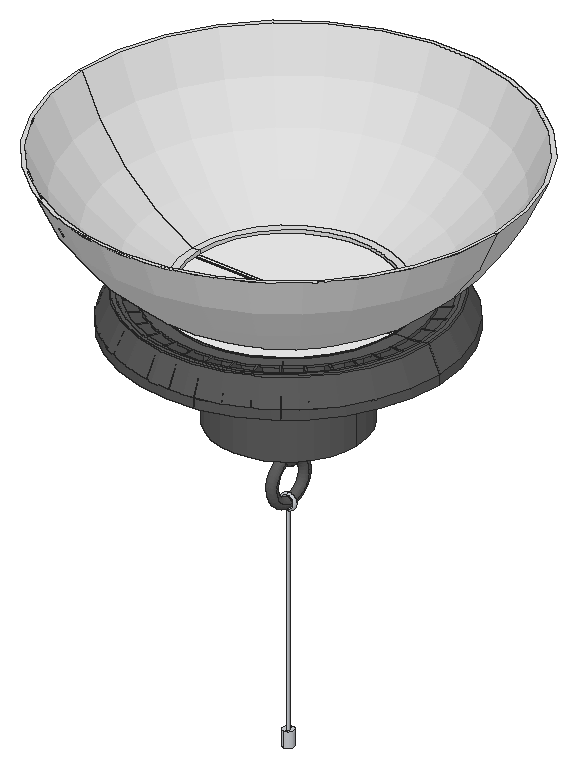
Revit family "0039363+0039356 Sylvania Lighting Fixture START HighBay IP65 DALI 19000lm 840 MB with ALU SHADE ALU COLOR FOR 13 19KLM pendant", category Lighting Fixtures, host Face, Revit 2017
Family settings
  Host = Face
  Round Connector Dimension = Use Diameter
  Part Type = Normal
  OmniClass Number = 23.80.70.00
  OmniClass Title = Lighting
  Cut with Voids When Loaded = No
  Light Source = Yes
  Shared = No
  Room Calculation Point = No
Parameters (values of type "0039363+0039356 START HighBay IP65 DALI 19000lm 840 MB with ALU SHADE ALU COLOR FOR 13/19KLM")
  WidthStraight_FEILO = if(SizeS_FEILO, 3 mm, if(SizeM_FEILO, 4 mm, 4.7 mm))  # 4 mm
  WidthRingChamfer_FEILO = if(SizeS_FEILO, 10.3 mm, if(SizeM_FEILO, 11.2 mm, 12.9 mm))  # 11.2 mm
  WidthCurved_FEILO = if(SizeS_FEILO, 17.4 mm, if(SizeM_FEILO, 16.4 mm, 26.2 mm))  # 16.4 mm
  WidthCurvedRing_FEILO = if(SizeS_FEILO, 3 mm, if(SizeM_FEILO, 4 mm, 4.7 mm))  # 4 mm
  WidthBracket_FEILO = 40 mm
  Weight = "3.4 kg"
  Wattage Comments = ""
  Wattage = 150 W
  WarrantyStartDate [instance] = "n/a"
  WarrantyGuarantorParts = "n/a"
  WarrantyDurationUnit = "n/a"
  WarrantyDurationParts = "n/a"
  WarrantyDescription = "n/a"
  built-in parameter 1150110 = 1 (stored number, unit not read)
  Voltage = 0 V
  VisibilityBracket_FEILO = no
  URL = "http://www.sylvania-lighting.com"
  TypeName = "START HighBay IP65 DALI 19000lm 840 MB with ALU SHADE ALU COLOR FOR 13/19KLM"
  Type Image = <None>
  Type Comments = "n/a"
  built-in parameter 1114217 = 1 (stored number, unit not read)
  Tilt Angle = -90.00°
  ThicknessWall_FEILO = 1.5 mm
  ThicknessBracket_FEILO = 1.5 mm
  ThicknessBracketHalf_FEILO = ThicknessBracket_FEILO / 2  # 0.75 mm
  built-in parameter 1150109 = 1 (stored number, unit not read)
  built-in parameter 1150134 = 12
  SuspensionHeight_FEILO [instance] = 400 mm
  built-in parameter 1150113 = 1 (stored number, unit not read)
  SizeS_FEILO = no
  SizeM_FEILO = yes
  ShadeThickness_FEILO = 3 mm
  ShadeSizeSM_FEILO = or(SizeS_FEILO, SizeM_FEILO)  # yes
  ShadeRadiusOut_FEILO = 205 mm
  ShadeRadiusIn_FEILO = if(ShadeSizeSM_FEILO, 95 mm, 121 mm)  # 95 mm
  ShadeRadiusBend_FEILO = if(ShadeSizeSM_FEILO, 210 mm, 210 mm)  # 210 mm
  ShadeHeight_FEILO = if(ShadeSizeSM_FEILO, 120 mm, 151 mm)  # 120 mm
  SerialNumber [instance] = "n/a"
  Rib4_FEILO = if(SizeS_FEILO, 18.1 mm, if(SizeM_FEILO, 13.6 mm, 14.6 mm))  # 13.6 mm
  Rib3_FEILO = if(SizeS_FEILO, 15.3 mm, if(SizeM_FEILO, 17.6 mm, 20.2 mm))  # 17.6 mm
  Rib2_FEILO = if(SizeS_FEILO, 3.6 mm, if(SizeM_FEILO, 3.9 mm, 4.5 mm))  # 3.9 mm
  Rib1_FEILO = if(SizeS_FEILO, 15.1 mm, if(SizeM_FEILO, 16.5 mm, 19 mm))  # 16.5 mm
  RadiusDiffuser_FEILO = if(SizeS_FEILO, 95.2 mm, if(SizeM_FEILO, 105.3 mm, 120 mm))  # 105.3 mm
  RadiusArrayPost_FEILO = DriverRadius_FEILO - 6 mm  # 61.2 mm
  RHRadius3_FEILO = if(SizeS_FEILO, 6.6 mm, if(SizeM_FEILO, 7.4 mm, 8.6 mm))  # 7.4 mm
  RHRadius2_FEILO = if(SizeS_FEILO, 11 mm, if(SizeM_FEILO, 12 mm, 14 mm))  # 12 mm
  RHRadius1_FEILO = if(SizeS_FEILO, 13.6 mm, if(SizeM_FEILO, 14.9 mm, 17.7 mm))  # 14.9 mm
  RHHeight4_FEILO = if(SizeS_FEILO, 7.3 mm, if(SizeM_FEILO, 8 mm, 9.2 mm))  # 8 mm
  RHHeight3_FEILO = if(SizeS_FEILO, 3.6 mm, if(SizeM_FEILO, 3.7 mm, 4.6 mm))  # 3.7 mm
  RHHeight2_FEILO = if(SizeS_FEILO, 2 mm, if(SizeM_FEILO, 2.2 mm, 2.6 mm))  # 2.2 mm
  RHHeight1_FEILO = if(SizeS_FEILO, 11.8 mm, if(SizeM_FEILO, 15.3 mm, 17.4 mm))  # 15.3 mm
  Photometric Web File = "0039363+0039356.ies"
  Material_5_FEILO = Shade-Sylvania-StartHighbay-Alu
  Material_3_FEILO = LED-Sylvania-StartHighbay-Glow
  PowerFactor = 0.95
  PowerConsumption = "150 W"
  NominalLength = 296 mm
  NominalHeight = 172 mm
  NominalDepth = 296 mm
  Name = "START HighBay IP65 DALI 19000lm 840 MB with ALU SHADE ALU COLOR FOR 13/19KLM"
  ModelReference = Name  # "START HighBay IP65 DALI 19000lm 840 MB with ALU SHADE ALU COLOR FOR 13/19KLM"
  ModelNumber = "0039363+0039356"
  Model = Name  # "START HighBay IP65 DALI 19000lm 840 MB with ALU SHADE ALU COLOR FOR 13/19KLM"
  Material = "aluminium alloy housing, polycarbonate diffuser"
  ManufacturerName = "Feilo Sylvania"
  Manufacturer = "Feilo Sylvania"
  LuminousEfficacy = "130 lm/W"
  built-in parameter 1150105 = 26502 (stored number, unit not read)
  Lumens = 19500 lm
  LuminaireType = ""
  built-in parameter 1150115 = 1 (stored number, unit not read)
  LightOutputRatio = "n/a"
  built-in parameter 1150137 = (empty or 0)
  built-in parameter 1150139 = (empty or 0)
  LampsType = Lamp  # "LED"
  LampNominalLuminous = "19500 lm"
  LampMacAdamStep = "6"
  LampColourTemperature = "4000 K"
  LampColourRenderingIndex = "80"
  built-in parameter 1150112 = 1 (stored number, unit not read)
  built-in parameter 1150114 = 1 (stored number, unit not read)
  Lamp = "LED"
  Keynote = "16500"
  InstallationDate [instance] = "n/a"
  InputVoltage = "n/a"
  InputNominalFrequency = "50/60 Hz"
  built-in parameter 1150132 = (empty or 0)
  built-in parameter 1150102 = (empty or 0)
  built-in parameter 1150107 = 4000 (stored number, unit not read)
  built-in parameter 1150138 = (empty or 0)
  IngressProtection = "IP65"
  ImpactProtectionIndex = "IK08"
  built-in parameter 1150106 = 265.02 (stored number, unit not read)
  IfcExportType = "IfcLightFixtureType"
  IfcExportAs = "IfcLightFixtureType"
  HeightRing_FEILO = if(SizeS_FEILO, 19.8 mm, if(SizeM_FEILO, 32 mm, 36.8 mm))  # 32 mm
  HeightRingChamfer_FEILO = if(SizeS_FEILO, 11.7 mm, if(SizeM_FEILO, 23.2 mm, 26.6 mm))  # 23.2 mm
  EyeThickness_FEILO = if(SizeS_FEILO, 8.4 mm, if(SizeM_FEILO, 9.2 mm, 10.5 mm))  # 9.2 mm
  EyeThicknessHalf_FEILO = EyeThickness_FEILO / 2  # 4.6 mm
  EyeInner_FEILO = if(SizeS_FEILO, 13.8 mm, if(SizeM_FEILO, 15.1 mm, 17.3 mm))  # 15.1 mm
  ExpectedLife = 50000
  Emit from Circle Diameter = RadiusDiffuser_FEILO * 2  # 210.6 mm
  Emit Shape Visible in Rendering = no
  ElectricShockClassification = "Class I"
  built-in parameter 1150104 = 12.077 (stored number, unit not read)
  DurationUnit = "hours"
  DriverVerticalStraight_FEILO = if(SizeS_FEILO, 46.5 mm, if(SizeM_FEILO, 49.7 mm, 57 mm))  # 49.7 mm
  DriverVerticalChamfer_FEILO = if(SizeS_FEILO, 7.5 mm, if(SizeM_FEILO, 8.2 mm, 9.5 mm))  # 8.2 mm
  DriverRadius_FEILO = if(SizeS_FEILO, 61.4 mm, if(SizeM_FEILO, 67.2 mm, 76.4 mm))  # 67.2 mm
  DriverRadiusTop_FEILO = if(SizeS_FEILO, 42 mm, if(SizeM_FEILO, 45.3 mm, 52.4 mm))  # 45.3 mm
  DriverBottom_FEILO = if(SizeS_FEILO, 56 mm, if(SizeM_FEILO, 64.5 mm, 74 mm))  # 64.5 mm
  DocumentationLiterature = "http://www.sylvania-lighting.com/product/en-int/products/0039363"
  DimmingControlOptions = "Dimmable"
  Material_2_FEILO = Diffuser-Sylvania-StartHighbay-Transparent
  Radius_FEILO = if(SizeS_FEILO, 135 mm, if(SizeM_FEILO, 148 mm, 169.5 mm))  # 148 mm
  Dimming Lamp Color Temperature Shift = <None>
  DiameterWire_FEILO = 3 mm
  DiameterWireSupport_FEILO = 10 mm
  Description = "START Highbay, includes 1 m cables, black aluminium housing, 19,500 Lm, 150 W, 130 Lm/W, 4000 K, drive current: 3300 mA, CRI 80, 60° beam angle, DALI dimmable, IP65, IK08, 50,000 hrs (L80/B50), (D x H) 296 x 172 mm."
  Default Elevation = 1219.2 mm
  CreatedOn = "5/15/2018"
  CreatedBy = ""
  Cost = 0
  Color Filter = 16777215
  built-in parameter 1114216 [instance] = (empty or 0)
  ClassificationValue = "EF_70_80"
  ClassificationName = "Uniclass2015"
  Material_1_FEILO = Body-Sylvania-StartHighbay-Black
  BarCode [instance] = "n/a"
  built-in parameter 1114218 = 1 (stored number, unit not read)
  built-in parameter 1150133 = 10 (stored number, unit not read)
  AssetType = "Fixed"
  AssetIdentifier [instance] = "n/a"
  Assembly Code = "D5020200"
  Apparent Load = 150 VA
  Material_4_FEILO = Shade-Sylvania-StartHighbay-Alu
Reference planes
  plane 1 "Center (Front/Back)": y = 0
  plane 2: z = 0
  plane 3 "Center (Left/Right)": x = 0
  plane 4: z = 400
  plane 5: x = -148
  plane 6: x = -136.8
  plane 7: z = 376.8
  plane 8: z = 368
  plane 9: x = -132.8
  plane 10: z = 397.375
  plane 11: x = -116.4
  plane 12: x = -105.3
  plane 13: x = -128.8
  plane 14: z = 398.375
  plane 15: z = 396.375
  plane 16: x = -102.3
  plane 17: z = 395.375
  plane 18: x = -146.5
  plane 19: x = -131.5
  plane 20: z = 364.1
  plane 21: x = -113.9
  plane 22: z = 350.5
  plane 23: x = -20
  plane 24: z = 335.5
  plane 25: x = -67.2
  plane 26: z = 285.8
  plane 27: x = -45.3
  plane 28: z = 277.6
  plane 29: x = -14.9
  plane 30: z = 262.3
  plane 31: z = 260.1
  plane 32: x = -12
  plane 33: z = 256.4
  plane 34: z = 248.4
  plane 35: x = -7.4
  plane 36: z = 233.3
  plane 37: z = 218.2
  plane 38: x = 4.6
  plane 39: x = -4.6
  plane 40: z = 209
  plane 41: z = 213.6
  plane 42: x = -141.65
  plane 43: x = -145.5
  plane 44: z = 366.5
  plane 45: x = -135.3
  plane 46: z = 310.65
  plane 47: y = -20
  plane 48: y = 20
  plane 49: x = 148
  plane 50: x = 136.8
  plane 51: x = 146.5
  plane 52: x = 141.65
  plane 53: x = 145.5
  plane 54: x = 135.3
  plane 55: z = 221.2
  plane 56: y = 1.5
  plane 57: y = -1.5
  plane 58: z = 219.7
  plane 59: z = 207.5
  plane 60: z = 206
  plane 61: y = -5
  plane 62: y = 5
  plane 63: z = 14
  plane 64: x = -205
  plane 65: z = 520
  plane 66: x = -95
  plane 67: x = -87
  plane 68: x = -202
  plane 69: z = 403
Forms (mm)
  Revolve 1, solid, material "Body-Sylvania-StartHighbay-Black" <- "Material_1_FEILO", detail levels medium+fine
    sketch origin (0, 0, 0) x (1, 0, 0) y (0, 0, 1)
      loop
        line (-148, 368) -> (-146.5, 368) -> (-146.5, 376.457) -> (-136.402, 397.375) -> (-128.8, 397.375) -> (-128.8, 398.859)
        arc (-128.8, 398.859) -> (-130.811, 399.39) -> (-132.8, 400) r 52.543
        line (-132.8, 400) -> (-136.341, 400)
        arc (-136.341, 400) -> (-136.831, 399.825) -> (-137.099, 399.38) r 0.774
        line (-137.099, 399.38) -> (-148, 376.8) -> (-148, 368)
      axis (0, 400) -> (0, 368)
    angle from 360 to 0
  Revolve 2, solid, material "Body-Sylvania-StartHighbay-Black" <- "Material_1_FEILO", detail levels medium+fine
    sketch origin (0, 0, 0) x (1, 0, 0) y (0, 0, 1)
      loop
        line (-116.4, 395.375) -> (-105.3, 395.375) -> (-105.3, 376.8) -> (0, 376.8) -> (0, 395.375) -> (-102.3, 395.375) -> (-102.3, 396.375) -> (-105.3, 396.375) -> (-105.3, 397.375) -> (-116.4, 397.375) -> (-116.4, 395.375)
      axis (0, 397.375) -> (0, 376.8)
    angle from 360 to 0
  Revolve 3, solid, material "Diffuser-Sylvania-StartHighbay-Transparent" <- "Material_2_FEILO", detail levels medium+fine
    sketch origin (0, 0, 0) x (1, 0, 0) y (0, 0, 1)
      loop
        line (-105.3, 396.375) -> (0, 396.375) -> (0, 398.375) -> (-105.3, 398.375) -> (-105.3, 396.375)
      axis (0, 398.375) -> (0, 396.375)
    angle from 360 to 0
  Revolve 4, solid, material "Body-Sylvania-StartHighbay-Black" <- "Material_1_FEILO"
    sketch origin (0, 0, 0) x (1, 0, 0) y (0, 0, 1)
      loop
        line (-67.2, 350.5) -> (-67.2, 285.8) -> (-45.3, 277.6) -> (-14.9, 277.6) -> (-14.9, 262.3) -> (-12, 260.1) -> (-12, 256.4) -> (-7.837, 249.126)
        arc (-7.837, 249.126) -> (-7.29, 248.594) -> (-6.553, 248.4) r 1.5
        line (-6.553, 248.4) -> (0, 248.4) -> (0, 350.5) -> (-67.2, 350.5)
      axis (0, 350.5) -> (0, 248.4)
    angle from 360 to 0
  Revolve 5, solid, material "Body-Sylvania-StartHighbay-Black" <- "Material_1_FEILO"
    sketch origin (0, 0, 0) x (1, 0, 0) y (0, 0, 1)
      loop
        circle (0, 213.6) r 4.6
      axis (4.6, 233.3) -> (-4.6, 233.3)
    angle from 360 to 0
  Extrusion 6, solid, material "Body-Sylvania-StartHighbay-Black" <- "Material_1_FEILO", visible <- "VisibilityBracket_FEILO"
    sketch origin (0, 0, 0) x (1, 0, 0) y (0, 0, 1)
      loop
        line (-145.5, 368) -> (-145.5, 366.5) -> (-137.55, 366.5)
        arc (-137.55, 366.5) -> (-137.02, 366.28) -> (-136.8, 365.75) r 0.75
        line (-136.8, 365.75) -> (-136.8, 310.65) -> (-135.3, 310.65) -> (-135.3, 366.5)
        arc (-135.3, 366.5) -> (-135.739, 367.561) -> (-136.8, 368) r 1.5
        line (-136.8, 368) -> (-145.5, 368)
      loop
        line (145.5, 368) -> (136.8, 368)
        arc (136.8, 368) -> (135.739, 367.561) -> (135.3, 366.5) r 1.5
        line (135.3, 366.5) -> (135.3, 310.65) -> (136.8, 310.65) -> (136.8, 365.75)
        arc (136.8, 365.75) -> (137.02, 366.28) -> (137.55, 366.5) r 0.75
        line (137.55, 366.5) -> (145.5, 366.5) -> (145.5, 368)
    from -20 to 20
  Extrusion 7, void
    sketch origin (0, 0, 0) x (0, 1, 0) y (0, 0, 1)
      loop
        arc (-10, 310.65) -> (-17.071, 313.579) -> (-20, 320.65) r 10
        line (-20, 320.65) -> (-25, 320.65) -> (-25, 305.65) -> (-10, 305.65) -> (-10, 310.65)
      loop
        line (10, 310.65) -> (10, 305.65) -> (25, 305.65) -> (25, 320.65) -> (20, 320.65)
        arc (20, 320.65) -> (17.071, 313.579) -> (10, 310.65) r 10
    from -136.8 to 136.8
  Revolve 8, solid, material "Body-Sylvania-StartHighbay-Black" <- "Material_1_FEILO", detail levels coarse
    sketch origin (0, 0, 0) x (1, 0, 0) y (0, 0, 1)
      loop
        line (0, 400) -> (-136.8, 400) -> (-148, 376.8) -> (-148, 368) -> (-131.5, 368) -> (-131.5, 364.1) -> (-113.9, 350.5) -> (0, 350.5) -> (0, 400)
      axis (0, 400) -> (0, 350.5)
    angle from 360 to 0
  Revolve 9, solid
    sketch origin (0, 0, 0) x (0, 1, 0) y (0, 0, 1)
      loop
        circle (0, 219.7) r 1.5
      axis (1.5, 213.6) -> (-1.5, 213.6)
    angle from 360 to 0
  Revolve 10, solid
    sketch origin (0, 0, 0) x (0, 1, 0) y (0, 0, 1)
      loop
        line (0, 0) -> (0, 207.5) -> (-1.5, 207.5) -> (-1.5, 14) -> (-5, 14) -> (-5, 0) -> (0, 0)
      axis (0, 0) -> (0, 207.5)
    angle from 360 to 0
  Revolve 11, solid, material "Shade-Sylvania-StartHighbay-Alu" <- "Material_4_FEILO"
    sketch origin (0, 0, 0) x (1, 0, 0) y (0, 0, 1)
      loop
        line (-95, 400) -> (-87, 400) -> (-87, 403) -> (-94.341, 403)
        arc (-94.341, 403) -> (-159.747, 450.78) -> (-201.81, 520) r 207
        line (-201.81, 520) -> (-205, 520)
        arc (-205, 520) -> (-162.101, 448.908) -> (-95, 400) r 210
      axis (0, 520) -> (0, 400)
    angle from 360 to 0
Cuts and joins
  Extrusion 7 cuts Extrusion 6
Lines and regions (mm)
  reference lines
    curve 1: line (-148, 0, 376.8) -> (-136.8, 0, 400)
    curve 2: line (-116.4, 0, 397.375) -> (0, 0, 397.375)
    curve 3: arc (-116.4, 0, 397.375) -> (-124.704, 0, 398.035) -> (-132.8, 0, 400) r 52.543
    curve 4: line (-136.8, 0, 400) -> (-132.8, 0, 400)
    curve 5: line (-136.402, 0, 397.375) -> (-146.5, 0, 376.457)
    curve 6: line (-131.5, 0, 364.1) -> (-113.9, 0, 350.5)
    curve 7: line (-12, 0, 256.4) -> (-7.4, 0, 248.4)
    curve 8: circle (0, 0, 213.6) r 4.6 normal (0, -1, 0)
    curve 9: arc (-95, 0, 400) -> (-162.101, 0, 448.908) -> (-205, 0, 520) r 210
Dimensions and locks
  "Radius_FEILO": plane 3 "Center (Left/Right)" to plane 5
  "WidthRingChamfer_FEILO": plane 6 to plane 5
  "WidthStraight_FEILO": plane 9 to plane 6
  "WidthCurvedRing_FEILO": plane 13 to plane 9
  locked: plane 10 to plane 15 at 1
  locked: plane 14 to plane 10 at 1
  locked: plane 4 to plane 10 at 2.625
  locked: plane 15 to plane 17 at 1
  "ThicknessWall_FEILO": plane 18 to plane 5
  "ThicknessWall_FEILO": curve 5 to curve 1
  "HeightRingChamfer_FEILO": plane 4 to plane 7
  "HeightRing_FEILO": plane 4 to plane 8
  "RadiusDiffuser_FEILO": plane 3 "Center (Left/Right)" to plane 12
  locked: plane 16 to plane 12 at 3
  "WidthCurved_FEILO": plane 11 to plane 9
  "SuspensionHeight_FEILO": plane 4 to plane 2
  "Rib1_FEILO": plane 19 to plane 5
  "Rib2_FEILO": plane 8 to plane 20
  "Rib3_FEILO": plane 21 to plane 19
  "Rib4_FEILO": plane 20 to plane 22
  locked: plane 3 "Center (Left/Right)" to plane 23 at 20
  "DriverBottom_FEILO": plane 4 to plane 24
  "DriverRadius_FEILO": plane 3 "Center (Left/Right)" to plane 25
  "DriverVerticalStraight_FEILO": plane 24 to plane 26
  "DriverRadiusTop_FEILO": plane 3 "Center (Left/Right)" to plane 27
  "DriverVerticalChamfer_FEILO": plane 26 to plane 28
  "RHRadius1_FEILO": plane 3 "Center (Left/Right)" to plane 29
  "RHHeight2_FEILO": plane 30 to plane 31
  "RHRadius2_FEILO": plane 3 "Center (Left/Right)" to plane 32
  "RHHeight3_FEILO": plane 31 to plane 33
  "RHHeight4_FEILO": plane 33 to plane 34
  "RHRadius3_FEILO": plane 3 "Center (Left/Right)" to plane 35
  "RHHeight1_FEILO": plane 28 to plane 30
  "EyeInner_FEILO": plane 34 to plane 36
  "EyeInner_FEILO": plane 36 to plane 37
  equal spacing: plane 38, plane 3 "Center (Left/Right)", plane 39
  "EyeThickness_FEILO": plane 38 to plane 39
  "EyeThickness_FEILO": plane 37 to plane 40
  equal spacing: plane 37, plane 41, plane 40
  equal spacing: plane 6, plane 42, plane 18
  "ThicknessBracket_FEILO": plane 45 to plane 6
  "ThicknessBracket_FEILO": plane 8 to plane 44
  locked: plane 43 to plane 18 at 1
  equal spacing: plane 24, plane 46, plane 26
  equal spacing: plane 47, plane 1 "Center (Front/Back)", plane 48
  "WidthBracket_FEILO": plane 47 to plane 48
  "WidthRingChamfer_FEILO": plane 50 to plane 49
  "ThicknessWall_FEILO": plane 51 to plane 49
  equal spacing: plane 50, plane 52, plane 51
  "ThicknessBracket_FEILO": plane 54 to plane 50
  locked: plane 53 to plane 51 at 1
  "Radius_FEILO": plane 49 to plane 3 "Center (Left/Right)"
  equal spacing: plane 57, imposter light, plane 56
  "DiameterWire_FEILO": plane 57 to plane 56
  "DiameterWire_FEILO": plane 37 to plane 55
  equal spacing: plane 37, plane 58, plane 55
  "DiameterWire_FEILO": plane 60 to plane 40
  equal spacing: plane 60, plane 59, plane 40
  equal spacing: plane 61, plane 1 "Center (Front/Back)", plane 62
  "DiameterWireSupport_FEILO": plane 61 to plane 62
  locked: plane 63 to plane 2 at 14
  "ShadeRadiusOut_FEILO": plane 3 "Center (Left/Right)" to plane 64
  "ShadeHeight_FEILO": plane 65 to plane 4
  "ShadeRadiusIn_FEILO": plane 3 "Center (Left/Right)" to plane 66
  locked: plane 67 to plane 66 at 8
  "ShadeThickness_FEILO": plane 69 to plane 4
  "ShadeThickness_FEILO": plane 68 to plane 64
  "EyeThicknessHalf_FEILO": radius of curve 8
  "ThicknessBracket_FEILO": radius of Extrusion 6 sketch curve  (x2)
  "ThicknessBracketHalf_FEILO": radius of Extrusion 6 sketch curve  (x2)
  "DiameterWire_FEILO": diameter of Revolve 9 sketch curve
  "ShadeRadiusBend_FEILO": radius of curve 9
  aligned and locked: plane 2 to host face
  aligned and locked: level to host face
  aligned and locked: plane 5 to curve 1
  aligned and locked: plane 6 to curve 1
  aligned and locked: plane 7 to curve 1
  aligned and locked: plane 10 to curve 2
  aligned and locked: plane 9 to curve 3
  aligned and locked: plane 4 to curve 3
  aligned and locked: plane 11 to curve 3
  aligned and locked: plane 4 to curve 4
  aligned and locked: plane 18 to curve 5
  aligned and locked: plane 10 to curve 5
  aligned and locked: Revolve 1 sketch curve to plane 3 "Center (Left/Right)"
  aligned and locked: Revolve 1 sketch curve to curve 3
  aligned and locked: Revolve 1 sketch curve to curve 1
  aligned and locked: plane 4 to Revolve 1 sketch curve
  aligned and locked: plane 9 to Revolve 1 sketch curve
  aligned and locked: Revolve 1 sketch curve to plane 13
  aligned and locked: Revolve 1 sketch curve to plane 10
  aligned and locked: plane 13 to Revolve 1 sketch curve
  aligned and locked: plane 10 to Revolve 1 sketch curve
  aligned and locked: Revolve 1 sketch curve to plane 18
  aligned and locked: Revolve 1 sketch curve to plane 8
  aligned and locked: plane 5 to Revolve 1 sketch curve  (x2)
  aligned and locked: Revolve 2 sketch curve to plane 3 "Center (Left/Right)"
  aligned and locked: plane 11 to Revolve 2 sketch curve
  aligned and locked: Revolve 2 sketch curve to curve 2
  aligned and locked: plane 15 to Revolve 2 sketch curve
  aligned and locked: Revolve 2 sketch curve to plane 16
  aligned and locked: plane 17 to Revolve 2 sketch curve  (x2)
  aligned and locked: Revolve 2 sketch curve to plane 12
  aligned and locked: plane 7 to Revolve 2 sketch curve
  aligned and locked: Revolve 3 sketch curve to plane 3 "Center (Left/Right)"
  aligned and locked: Revolve 3 sketch curve to plane 14
  aligned and locked: plane 3 "Center (Left/Right)" to Revolve 3 sketch curve
  aligned and locked: Revolve 3 sketch curve to plane 12
  aligned and locked: plane 15 to Revolve 3 sketch curve
  aligned and locked: Revolve 1 sketch curve to curve 5
  aligned and locked: plane 22 to curve 6
  aligned and locked: plane 21 to curve 6
  aligned and locked: plane 20 to curve 6
  aligned and locked: plane 19 to curve 6
  aligned and locked: plane 33 to curve 7
  aligned and locked: plane 32 to curve 7
  aligned and locked: plane 35 to curve 7
  aligned and locked: plane 34 to curve 7
  aligned and locked: Revolve 4 sketch curve to plane 3 "Center (Left/Right)"
  aligned and locked: Revolve 4 sketch curve to plane 25
  aligned and locked: plane 27 to Revolve 4 sketch curve
  aligned and locked: plane 28 to Revolve 4 sketch curve
  aligned and locked: plane 30 to Revolve 4 sketch curve
  aligned and locked: Revolve 4 sketch curve to plane 29
  aligned and locked: plane 31 to Revolve 4 sketch curve
  aligned and locked: Revolve 4 sketch curve to curve 7
  aligned and locked: Revolve 4 sketch curve to plane 32
  aligned and locked: plane 34 to Revolve 4 sketch curve
  aligned and locked: plane 3 "Center (Left/Right)" to Revolve 4 sketch curve
  aligned and locked: plane 3 "Center (Left/Right)" to curve 8
  aligned and locked: plane 41 to curve 8
  aligned and locked: Revolve 5 sketch curve to plane 36
  aligned and locked: Revolve 5 sketch curve to curve 8
  aligned and locked: plane 43 to Extrusion 6 sketch curve  (x2)
  aligned and locked: plane 8 to Extrusion 6 sketch curve  (x3)
  aligned and locked: Extrusion 6 sketch curve to plane 45
  aligned and locked: Extrusion 6 sketch curve to plane 46  (x2)
  aligned and locked: plane 6 to Extrusion 6 sketch curve
  aligned and locked: Extrusion 6 sketch curve to plane 44  (x2)
  aligned and locked: Extrusion 6 to plane 48
  aligned and locked: plane 47 to Extrusion 6
  aligned and locked: plane 53 to Extrusion 6 sketch curve
  aligned and locked: plane 50 to Extrusion 6 sketch curve
  aligned and locked: Extrusion 6 sketch curve to plane 54
  aligned and locked: Extrusion 7 sketch curve to Extrusion 7 sketch curve
  aligned and locked: Extrusion 7 to plane 6
  aligned and locked: Extrusion 7 to Extrusion 6
  aligned and locked: Revolve 4 sketch curve to plane 22
  aligned and locked: plane 23 to nested 1
  aligned and locked: plane 1 "Center (Front/Back)" to nested 1
  aligned and locked: Revolve 8 sketch curve to plane 3 "Center (Left/Right)"
  aligned and locked: Revolve 8 sketch curve to plane 4
  aligned and locked: plane 6 to Revolve 8 sketch curve
  aligned and locked: plane 4 to Revolve 8 sketch curve
  aligned and locked: plane 7 to Revolve 8 sketch curve
  aligned and locked: Revolve 8 sketch curve to plane 5
  aligned and locked: plane 8 to Revolve 8 sketch curve  (x2)
  aligned and locked: Revolve 8 sketch curve to plane 19
  aligned and locked: plane 20 to Revolve 8 sketch curve
  aligned and locked: plane 19 to Revolve 8 sketch curve
  aligned and locked: plane 21 to Revolve 8 sketch curve
  aligned and locked: plane 22 to Revolve 8 sketch curve  (x2)
  aligned and locked: Revolve 8 sketch curve to Revolve 8 sketch curve
  aligned and locked: imposter light to plane 4
  aligned and locked: plane 3 "Center (Left/Right)" to imposter light
  aligned and locked: imposter light to plane 1 "Center (Front/Back)"
  aligned and locked: Revolve 9 sketch curve to plane 41
  aligned and locked: Revolve 10 sketch curve to plane 1 "Center (Front/Back)"
  aligned and locked: plane 1 "Center (Front/Back)" to Revolve 10 sketch curve  (x2)
  aligned and locked: host face to Revolve 10 sketch curve
  aligned and locked: plane 63 to Revolve 10 sketch curve
  aligned and locked: Revolve 10 sketch curve to plane 61
  aligned and locked: Revolve 10 sketch curve to plane 57
  aligned and locked: plane 59 to Revolve 10 sketch curve
  aligned and locked: plane 64 to curve 9
  aligned and locked: plane 65 to curve 9
  aligned and locked: plane 66 to curve 9
  aligned and locked: plane 4 to curve 9
  aligned and locked: Revolve 11 sketch curve to curve 9
  aligned and locked: plane 67 to Revolve 11 sketch curve
  aligned and locked: plane 66 to Revolve 11 sketch curve
  aligned and locked: plane 65 to Revolve 11 sketch curve  (x2)
  aligned and locked: Revolve 11 sketch curve to plane 67
  aligned and locked: plane 69 to Revolve 11 sketch curve
Automatic sketch dimensions
  host sketch curve to host sketch curve = 2438.4 mm  (x2)
  Revolve 1 sketch curve to plane 6 = 0.299 mm
  plane 6 to Revolve 1 sketch curve = 0.459 mm
  Revolve 1 sketch curve to level = 609.6 mm
  Revolve 1 sketch curve to Revolve 1 sketch curve = 2312.223 mm
  Revolve 2 sketch curve to plane 12 = 0 mm
  Revolve 2 sketch curve to plane 3 "Center (Left/Right)" = 0 mm
  Revolve 2 sketch curve to level = 609.6 mm
  Revolve 2 sketch curve to plane 4 = 2339.058 mm
  Revolve 3 sketch curve to level = 609.6 mm
  Revolve 3 sketch curve to plane 4 = 2339.058 mm
  Revolve 5 sketch curve to plane 5 = 1080 mm
  plane 38 to Revolve 5 sketch curve = 1219.2 mm
  Extrusion 7 sketch curve to plane 47 = 0 mm
  plane 46 to Extrusion 7 sketch curve = 0 mm  (x2)
  Extrusion 7 sketch curve to plane 48 = 0 mm
  plane 47 to Extrusion 7 sketch curve = 5 mm
  plane 1 "Center (Front/Back)" to Extrusion 7 sketch curve = 10 mm
  Extrusion 7 sketch curve to Extrusion 7 sketch curve = 10 mm
  plane 46 to Extrusion 7 sketch curve = 5 mm
  Extrusion 7 sketch curve to Extrusion 7 sketch curve = 5 mm
  Extrusion 7 sketch curve to plane 48 = 5 mm
  Revolve 4 sketch curve to plane 26 = 0 mm
  Revolve 4 sketch curve to plane 35 = 0.437 mm
  plane 35 to Revolve 4 sketch curve = 0.847 mm
  Revolve 4 sketch curve to plane 34 = 0.726 mm
  plane 40 to Revolve 4 sketch curve = 590.2 mm
  Revolve 4 sketch curve to plane 4 = 2339.058 mm
  Revolve 8 sketch curve to level = 609.6 mm
  Revolve 8 sketch curve to Revolve 8 sketch curve = 2386.058 mm
  Revolve 9 sketch curve to plane 1 "Center (Front/Back)" = 0 mm
  plane 58 to Revolve 9 sketch curve = 0 mm
  plane 47 to Revolve 9 sketch curve = 2534.941 mm
  Revolve 9 sketch curve to plane 48 = 2077.409 mm
  Revolve 10 sketch curve to Revolve 10 sketch curve = 609.6 mm
  Revolve 10 sketch curve to plane 4 = 2123.807 mm
  curve 2 to plane 3 "Center (Left/Right)" = 0 mm
  Revolve 11 sketch curve to Revolve 11 sketch curve = 0 mm  (x2)
  Revolve 11 sketch curve to plane 3 "Center (Left/Right)" = 0 mm
  plane 66 to Revolve 11 sketch curve = 0.659 mm
  Revolve 11 sketch curve to level = 609.6 mm
  Revolve 11 sketch curve to Revolve 11 sketch curve = 2068.248 mm
Nested families
  nested 1: "Start Highbay Rib" at (0, 0, 397.375), type "Type Name", detail levels medium+fine
    with SuspensionHeight_FEILO 2.6 mm
  nested 2: "Start Highbay Rib" at (0, 0, 397.375) x (0.9877, 0.1564, 0) z (0, 0, 1), type "Type Name", detail levels medium+fine
    with SuspensionHeight_FEILO 2.6 mm
  nested 3: "Start Highbay Rib" at (0, 0, 397.375) x (0.9511, 0.309, 0) z (0, 0, 1), type "Type Name", detail levels medium+fine
    with SuspensionHeight_FEILO 2.6 mm
  nested 4: "Start Highbay Rib" at (0, 0, 397.375) x (0.891, 0.454, 0) z (0, 0, 1), type "Type Name", detail levels medium+fine
    with SuspensionHeight_FEILO 2.6 mm
  nested 5: "Start Highbay Rib" at (0, 0, 397.375) x (0.809, 0.5878, 0) z (0, 0, 1), type "Type Name", detail levels medium+fine
    with SuspensionHeight_FEILO 2.6 mm
  nested 6: "Start Highbay Rib" at (0, 0, 397.375) x (0.7071, 0.7071, 0) z (0, 0, 1), type "Type Name", detail levels medium+fine
    with SuspensionHeight_FEILO 2.6 mm
  nested 7: "Start Highbay Rib" at (0, 0, 397.375) x (0.5878, 0.809, 0) z (0, 0, 1), type "Type Name", detail levels medium+fine
    with SuspensionHeight_FEILO 2.6 mm
  nested 8: "Start Highbay Rib" at (0, 0, 397.375) x (0.454, 0.891, 0) z (0, 0, 1), type "Type Name", detail levels medium+fine
    with SuspensionHeight_FEILO 2.6 mm
  nested 9: "Start Highbay Rib" at (0, 0, 397.375) x (0.309, 0.9511, 0) z (0, 0, 1), type "Type Name", detail levels medium+fine
    with SuspensionHeight_FEILO 2.6 mm
  nested 10: "Start Highbay Rib" at (0, 0, 397.375) x (0.1564, 0.9877, 0) z (0, 0, 1), type "Type Name", detail levels medium+fine
    with SuspensionHeight_FEILO 2.6 mm
  nested 11: "Start Highbay Rib" at (0, 0, 397.375) x (0, 1, 0) z (0, 0, 1), type "Type Name", detail levels medium+fine
    with SuspensionHeight_FEILO 2.6 mm
  nested 12: "Start Highbay Rib" at (0, 0, 397.375) x (-0.1564, 0.9877, 0) z (0, 0, 1), type "Type Name", detail levels medium+fine
    with SuspensionHeight_FEILO 2.6 mm
  nested 13: "Start Highbay Rib" at (0, 0, 397.375) x (-0.309, 0.9511, 0) z (0, 0, 1), type "Type Name", detail levels medium+fine
    with SuspensionHeight_FEILO 2.6 mm
  nested 14: "Start Highbay Rib" at (0, 0, 397.375) x (-0.454, 0.891, 0) z (0, 0, 1), type "Type Name", detail levels medium+fine
    with SuspensionHeight_FEILO 2.6 mm
  nested 15: "Start Highbay Rib" at (0, 0, 397.375) x (-0.5878, 0.809, 0) z (0, 0, 1), type "Type Name", detail levels medium+fine
    with SuspensionHeight_FEILO 2.6 mm
  nested 16: "Start Highbay Rib" at (0, 0, 397.375) x (-0.7071, 0.7071, 0) z (0, 0, 1), type "Type Name", detail levels medium+fine
    with SuspensionHeight_FEILO 2.6 mm
  nested 17: "Start Highbay Rib" at (0, 0, 397.375) x (-0.809, 0.5878, 0) z (0, 0, 1), type "Type Name", detail levels medium+fine
    with SuspensionHeight_FEILO 2.6 mm
  nested 18: "Start Highbay Rib" at (0, 0, 397.375) x (-0.891, 0.454, 0) z (0, 0, 1), type "Type Name", detail levels medium+fine
    with SuspensionHeight_FEILO 2.6 mm
  nested 19: "Start Highbay Rib" at (0, 0, 397.375) x (-0.9511, 0.309, 0) z (0, 0, 1), type "Type Name", detail levels medium+fine
    with SuspensionHeight_FEILO 2.6 mm
  nested 20: "Start Highbay Rib" at (0, 0, 397.375) x (-0.9877, 0.1564, 0) z (0, 0, 1), type "Type Name", detail levels medium+fine
    with SuspensionHeight_FEILO 2.6 mm
  nested 21: "Start Highbay Rib" at (0, 0, 397.375) x (-1, 0, 0) z (0, 0, 1), type "Type Name", detail levels medium+fine
    with SuspensionHeight_FEILO 2.6 mm
  nested 22: "Start Highbay Rib" at (0, 0, 397.375) x (-0.9877, -0.1564, 0) z (0, 0, 1), type "Type Name", detail levels medium+fine
    with SuspensionHeight_FEILO 2.6 mm
  nested 23: "Start Highbay Rib" at (0, 0, 397.375) x (-0.9511, -0.309, 0) z (0, 0, 1), type "Type Name", detail levels medium+fine
    with SuspensionHeight_FEILO 2.6 mm
  nested 24: "Start Highbay Rib" at (0, 0, 397.375) x (-0.891, -0.454, 0) z (0, 0, 1), type "Type Name", detail levels medium+fine
    with SuspensionHeight_FEILO 2.6 mm
  nested 25: "Start Highbay Rib" at (0, 0, 397.375) x (-0.809, -0.5878, 0) z (0, 0, 1), type "Type Name", detail levels medium+fine
    with SuspensionHeight_FEILO 2.6 mm
  nested 26: "Start Highbay Rib" at (0, 0, 397.375) x (-0.7071, -0.7071, 0) z (0, 0, 1), type "Type Name", detail levels medium+fine
    with SuspensionHeight_FEILO 2.6 mm
  nested 27: "Start Highbay Rib" at (0, 0, 397.375) x (-0.5878, -0.809, 0) z (0, 0, 1), type "Type Name", detail levels medium+fine
    with SuspensionHeight_FEILO 2.6 mm
  nested 28: "Start Highbay Rib" at (0, 0, 397.375) x (-0.454, -0.891, 0) z (0, 0, 1), type "Type Name", detail levels medium+fine
    with SuspensionHeight_FEILO 2.6 mm
  nested 29: "Start Highbay Rib" at (0, 0, 397.375) x (-0.309, -0.9511, 0) z (0, 0, 1), type "Type Name", detail levels medium+fine
    with SuspensionHeight_FEILO 2.6 mm
  nested 30: "Start Highbay Rib" at (0, 0, 397.375) x (-0.1564, -0.9877, 0) z (0, 0, 1), type "Type Name", detail levels medium+fine
    with SuspensionHeight_FEILO 2.6 mm
  nested 31: "Start Highbay Rib" at (0, 0, 397.375) x (0, -1, 0) z (0, 0, 1), type "Type Name", detail levels medium+fine
    with SuspensionHeight_FEILO 2.6 mm
  nested 32: "Start Highbay Rib" at (0, 0, 397.375) x (0.1564, -0.9877, 0) z (0, 0, 1), type "Type Name", detail levels medium+fine
    with SuspensionHeight_FEILO 2.6 mm
  nested 33: "Start Highbay Rib" at (0, 0, 397.375) x (0.309, -0.9511, 0) z (0, 0, 1), type "Type Name", detail levels medium+fine
    with SuspensionHeight_FEILO 2.6 mm
  nested 34: "Start Highbay Rib" at (0, 0, 397.375) x (0.454, -0.891, 0) z (0, 0, 1), type "Type Name", detail levels medium+fine
    with SuspensionHeight_FEILO 2.6 mm
  nested 35: "Start Highbay Rib" at (0, 0, 397.375) x (0.5878, -0.809, 0) z (0, 0, 1), type "Type Name", detail levels medium+fine
    with SuspensionHeight_FEILO 2.6 mm
  nested 36: "Start Highbay Rib" at (0, 0, 397.375) x (0.7071, -0.7071, 0) z (0, 0, 1), type "Type Name", detail levels medium+fine
    with SuspensionHeight_FEILO 2.6 mm
  nested 37: "Start Highbay Rib" at (0, 0, 397.375) x (0.809, -0.5878, 0) z (0, 0, 1), type "Type Name", detail levels medium+fine
    with SuspensionHeight_FEILO 2.6 mm
  nested 38: "Start Highbay Rib" at (0, 0, 397.375) x (0.891, -0.454, 0) z (0, 0, 1), type "Type Name", detail levels medium+fine
    with SuspensionHeight_FEILO 2.6 mm
  nested 39: "Start Highbay Rib" at (0, 0, 397.375) x (0.9511, -0.309, 0) z (0, 0, 1), type "Type Name", detail levels medium+fine
    with SuspensionHeight_FEILO 2.6 mm
  nested 40: "Start Highbay Rib" at (0, 0, 397.375) x (0.9877, -0.1564, 0) z (0, 0, 1), type "Type Name", detail levels medium+fine
    with SuspensionHeight_FEILO 2.6 mm
Connectors
  electrical at (0, 0, 0), driven by "Apparent Load", driven by "PowerFactor", driven by "Voltage"
    settings: index 1, voltage 0 V, apparent load 150 VA, apparent load phase1 0 VA, apparent load phase2 0 VA, apparent load phase3 0 VA, power factor 0.95, load classification "Lighting", number of poles 1, system type 30, power factor state 1, is connector primary yes, connector utility no, sub classification motor no, connector description ""
Definition of nested family "Start Highbay Rib"
  Parameters (values of type "Type Name")
    WidthStraight_FEILO = if(SizeS_FEILO, 3 mm, if(SizeM_FEILO, 4 mm, 4.7 mm))  # 3 mm
    WidthRingChamfer_FEILO = if(SizeS_FEILO, 10.3 mm, if(SizeM_FEILO, 11.2 mm, 12.9 mm))  # 10.3 mm
    WidthCurved_FEILO = if(SizeS_FEILO, 17.4 mm, if(SizeM_FEILO, 16.4 mm, 26.2 mm))  # 17.4 mm
    WidthCurvedRing_FEILO = if(SizeS_FEILO, 3 mm, if(SizeM_FEILO, 4 mm, 4.7 mm))  # 3 mm
    WidthBracket_FEILO = 40 mm
    URL = "http://www.feilosylvania.com"
    Type Image = (empty or 0)
    Type Comments = "n/a"
    ThicknessWall_FEILO = 1.5 mm
    ThicknessBracket_FEILO = 1.5 mm
    ThicknessBracketHalf_FEILO = ThicknessBracket_FEILO / 2  # 0.75 mm
    SuspensionHeight_FEILO [instance] = 2.6 mm
    SizeS_FEILO = yes
    SizeM_FEILO = no
    Rib4_FEILO = if(SizeS_FEILO, 18.1 mm, if(SizeM_FEILO, 13.6 mm, 14.6 mm))  # 18.1 mm
    Rib3_FEILO = if(SizeS_FEILO, 15.3 mm, if(SizeM_FEILO, 17.6 mm, 20.2 mm))  # 15.3 mm
    Rib2_FEILO = if(SizeS_FEILO, 3.6 mm, if(SizeM_FEILO, 3.9 mm, 4.5 mm))  # 3.6 mm
    Rib1_FEILO = if(SizeS_FEILO, 15.1 mm, if(SizeM_FEILO, 16.5 mm, 19 mm))  # 15.1 mm
    RadiusRib_FEILO = 2 mm
    RadiusDiffuser_FEILO = if(SizeS_FEILO, 95.2 mm, if(SizeM_FEILO, 105.3 mm, 120 mm))  # 95.2 mm
    RHRadius3_FEILO = if(SizeS_FEILO, 6.6 mm, if(SizeM_FEILO, 7.4 mm, 8.6 mm))  # 6.6 mm
    RHRadius2_FEILO = if(SizeS_FEILO, 11 mm, if(SizeM_FEILO, 12 mm, 14 mm))  # 11 mm
    RHRadius1_FEILO = if(SizeS_FEILO, 13.6 mm, if(SizeM_FEILO, 14.9 mm, 17.7 mm))  # 13.6 mm
    RHHeight4_FEILO = if(SizeS_FEILO, 7.3 mm, if(SizeM_FEILO, 8 mm, 9.2 mm))  # 7.3 mm
    RHHeight3_FEILO = if(SizeS_FEILO, 3.6 mm, if(SizeM_FEILO, 3.7 mm, 4.6 mm))  # 3.6 mm
    RHHeight2_FEILO = if(SizeS_FEILO, 2 mm, if(SizeM_FEILO, 2.2 mm, 2.6 mm))  # 2 mm
    RHHeight1_FEILO = if(SizeS_FEILO, 11.8 mm, if(SizeM_FEILO, 15.3 mm, 17.4 mm))  # 11.8 mm
    Material_3_FEILO = none
    Model = ""
    Manufacturer = "Feilo Sylvania"
    Keynote = "16500"
    HeightRing_FEILO = if(SizeS_FEILO, 19.8 mm, if(SizeM_FEILO, 32 mm, 36.8 mm))  # 19.8 mm
    HeightRingChamfer_FEILO = if(SizeS_FEILO, 11.7 mm, if(SizeM_FEILO, 23.2 mm, 26.6 mm))  # 11.7 mm
    EyeThickness_FEILO = if(SizeS_FEILO, 8.4 mm, if(SizeM_FEILO, 9.2 mm, 10.5 mm))  # 8.4 mm
    EyeThicknessHalf_FEILO = EyeThickness_FEILO / 2  # 4.2 mm
    EyeInner_FEILO = if(SizeS_FEILO, 13.8 mm, if(SizeM_FEILO, 15.1 mm, 17.3 mm))  # 13.8 mm
    DriverVerticalStraight_FEILO = if(SizeS_FEILO, 46.5 mm, if(SizeM_FEILO, 49.7 mm, 57 mm))  # 46.5 mm
    DriverVerticalChamfer_FEILO = if(SizeS_FEILO, 7.5 mm, if(SizeM_FEILO, 8.2 mm, 9.5 mm))  # 7.5 mm
    DriverRadius_FEILO = if(SizeS_FEILO, 61.4 mm, if(SizeM_FEILO, 67.2 mm, 76.4 mm))  # 61.4 mm
    DriverRadiusTop_FEILO = if(SizeS_FEILO, 42 mm, if(SizeM_FEILO, 45.3 mm, 52.4 mm))  # 42 mm
    DriverBottom_FEILO = if(SizeS_FEILO, 56 mm, if(SizeM_FEILO, 64.5 mm, 74 mm))  # 56 mm
    Material_2_FEILO = none
    Radius_FEILO = if(SizeS_FEILO, 135 mm, if(SizeM_FEILO, 148 mm, 169.5 mm))  # 135 mm
    Description = ""
    Default Elevation = 1219.2 mm
    Cost = 0
    Material_1_FEILO = none
    Assembly Code = "D5020200"
    Material_4_FEILO = none
  Reference planes
    plane 1 "Center (Front/Back)": y = 0
    plane 2: z = 0
    plane 3 "Center (Left/Right)": x = 0
    plane 4: z = 2.6
    plane 5: x = -135
    plane 6: x = -124.7
    plane 7: z = -9.1
    plane 8: z = -17.2
    plane 9: x = -121.7
    plane 10: z = -0.025
    plane 11: x = -104.3
    plane 12: x = -95.2
    plane 13: x = -118.7
    plane 14: z = 0.975
    plane 15: z = -1.025
    plane 16: x = -92.2
    plane 17: z = -2.025
    plane 18: x = -133.5
    plane 19: x = -119.9
    plane 20: z = -20.8
    plane 21: x = -104.6
    plane 22: z = -38.9
    plane 23: x = -20
    plane 24: z = -53.4
    plane 25: x = -61.4
    plane 26: z = -99.9
    plane 27: x = -42
    plane 28: z = -107.4
    plane 29: x = -13.6
    plane 30: z = -119.2
    plane 31: z = -121.2
    plane 32: x = -11
    plane 33: z = -124.8
    plane 34: z = -132.1
    plane 35: x = -6.6
    plane 36: z = -145.9
    plane 37: z = -159.7
    plane 38: x = 4.2
    plane 39: x = -4.2
    plane 40: z = -168.1
    plane 41: z = -163.9
    plane 42: x = -129.1
    plane 43: x = -132.5
    plane 44: z = -18.7
    plane 45: x = -123.2
    plane 46: z = -76.65
    plane 47: y = -20
    plane 48: y = 20
    plane 49: x = 135
    plane 50: x = 124.7
    plane 51: x = 133.5
    plane 52: x = 129.1
    plane 53: x = 132.5
    plane 54: x = 123.2
    plane 55: y = 0.75
    plane 56: y = -0.75
  Forms (mm)
    Extrusion 1, solid
      sketch origin (4.2, 0, 0) x (1, 0, 0) y (0, 1, 0)
        loop
          line (-1219.2, 1219.2) -> (-1219.2, -1219.2) -> (1219.2, -1219.2) -> (1219.2, 1219.2) -> (-1219.2, 1219.2)
      from 0 to -68.017
    Extrusion 2, solid, material <- "Material_1_FEILO"
      sketch origin (0, 0, 0) x (1, 0, 0) y (0, 0, 1)
        loop
          arc (-104.3, -0.025) -> (-111.555, 0.423) -> (-118.7, 1.76) r 58.981
          line (-118.7, 1.76) -> (-118.7, -0.025) -> (-125.012, -0.025) -> (-133.5, -9.666) -> (-133.5, -17.2) -> (-119.9, -17.2) -> (-119.9, -20.068)
          arc (-119.9, -20.068) -> (-119.778, -20.755) -> (-119.427, -21.359) r 2
          line (-119.427, -21.359) -> (-104.966, -38.467)
          arc (-104.966, -38.467) -> (-104.381, -38.789) -> (-103.723, -38.9) r 2
          line (-103.723, -38.9) -> (-20, -38.9) -> (-20, -9.1) -> (-95.2, -9.1) -> (-95.2, -2.025) -> (-104.3, -2.025) -> (-104.3, -0.025)
      from -0.75 to 0.75
  Lines and regions (mm)
    reference lines
      curve 1: line (-135, 0, -9.1) -> (-124.7, 0, 2.6)
      curve 2: line (-104.3, 0, -0.025) -> (0, 0, -0.025)
      curve 3: arc (-104.3, 0, -0.025) -> (-113.098, 0, 0.635) -> (-121.7, 0, 2.6) r 58.981
      curve 4: line (-124.7, 0, 2.6) -> (-121.7, 0, 2.6)
      curve 5: line (-125.012, 0, -0.025) -> (-133.5, 0, -9.666)
      curve 6: line (-119.9, 0, -20.8) -> (-104.6, 0, -38.9)
  Dimensions and locks
    "Radius_FEILO": plane 3 "Center (Left/Right)" to plane 5
    "WidthRingChamfer_FEILO": plane 6 to plane 5
    "WidthStraight_FEILO": plane 9 to plane 6
    "WidthCurvedRing_FEILO": plane 13 to plane 9
    locked: plane 10 to plane 15 at 1
    locked: plane 14 to plane 10 at 1
    locked: plane 4 to plane 10 at 2.625
    locked: plane 15 to plane 17 at 1
    "ThicknessWall_FEILO": plane 18 to plane 5
    "ThicknessWall_FEILO": curve 5 to curve 1
    "HeightRingChamfer_FEILO": plane 4 to plane 7
    "HeightRing_FEILO": plane 4 to plane 8
    "RadiusDiffuser_FEILO": plane 3 "Center (Left/Right)" to plane 12
    locked: plane 16 to plane 12 at 3
    "WidthCurved_FEILO": plane 11 to plane 9
    "SuspensionHeight_FEILO": plane 4 to plane 2
    "Rib1_FEILO": plane 19 to plane 5
    "Rib2_FEILO": plane 8 to plane 20
    "Rib3_FEILO": plane 21 to plane 19
    "Rib4_FEILO": plane 20 to plane 22
    locked: plane 3 "Center (Left/Right)" to plane 23 at 20
    "DriverBottom_FEILO": plane 4 to plane 24
    "DriverRadius_FEILO": plane 3 "Center (Left/Right)" to plane 25
    "DriverVerticalStraight_FEILO": plane 24 to plane 26
    "DriverRadiusTop_FEILO": plane 3 "Center (Left/Right)" to plane 27
    "DriverVerticalChamfer_FEILO": plane 26 to plane 28
    "RHRadius1_FEILO": plane 3 "Center (Left/Right)" to plane 29
    "RHHeight2_FEILO": plane 30 to plane 31
    "RHRadius2_FEILO": plane 3 "Center (Left/Right)" to plane 32
    "RHHeight3_FEILO": plane 31 to plane 33
    "RHHeight4_FEILO": plane 33 to plane 34
    "RHRadius3_FEILO": plane 3 "Center (Left/Right)" to plane 35
    "RHHeight1_FEILO": plane 28 to plane 30
    "EyeInner_FEILO": plane 34 to plane 36
    "EyeInner_FEILO": plane 36 to plane 37
    equal spacing: plane 38, plane 3 "Center (Left/Right)", plane 39
    "EyeThickness_FEILO": plane 38 to plane 39
    "EyeThickness_FEILO": plane 37 to plane 40
    equal spacing: plane 37, plane 41, plane 40
    equal spacing: plane 6, plane 42, plane 18
    "ThicknessBracket_FEILO": plane 45 to plane 6
    "ThicknessBracket_FEILO": plane 8 to plane 44
    locked: plane 43 to plane 18 at 1
    equal spacing: plane 24, plane 46, plane 26
    equal spacing: plane 47, plane 1 "Center (Front/Back)", plane 48
    "WidthBracket_FEILO": plane 47 to plane 48
    "WidthRingChamfer_FEILO": plane 50 to plane 49
    "ThicknessWall_FEILO": plane 51 to plane 49
    equal spacing: plane 50, plane 52, plane 51
    "ThicknessBracket_FEILO": plane 54 to plane 50
    locked: plane 53 to plane 51 at 1
    "Radius_FEILO": plane 49 to plane 3 "Center (Left/Right)"
    equal spacing: plane 56, plane 1 "Center (Front/Back)", plane 55
    "ThicknessWall_FEILO": plane 56 to plane 55
    "RadiusRib_FEILO": radius of Extrusion 2 sketch curve  (x2)
    aligned and locked: plane 2 to Extrusion 1
    aligned and locked: level to Extrusion 1
    aligned and locked: plane 5 to curve 1
    aligned and locked: plane 6 to curve 1
    aligned and locked: plane 7 to curve 1
    aligned and locked: plane 10 to curve 2
    aligned and locked: plane 9 to curve 3
    aligned and locked: plane 4 to curve 3
    aligned and locked: plane 11 to curve 3
    aligned and locked: plane 4 to curve 4
    aligned and locked: plane 18 to curve 5
    aligned and locked: plane 10 to curve 5
    aligned and locked: plane 22 to curve 6
    aligned and locked: plane 21 to curve 6
    aligned and locked: plane 20 to curve 6
    aligned and locked: plane 19 to curve 6
    aligned and locked: Extrusion 2 sketch curve to plane 23
    aligned and locked: Extrusion 2 sketch curve to plane 22
    aligned and locked: Extrusion 2 sketch curve to curve 6
    aligned and locked: plane 19 to Extrusion 2 sketch curve
    aligned and locked: Extrusion 2 sketch curve to plane 8
    aligned and locked: Extrusion 2 sketch curve to curve 5
    aligned and locked: Extrusion 2 sketch curve to curve 3
    aligned and locked: Extrusion 2 to plane 55
    aligned and locked: plane 56 to Extrusion 2
    aligned and locked: curve 6 to Extrusion 2 sketch curve
  Automatic sketch dimensions
    Extrusion 1 sketch curve to Extrusion 1 sketch curve = 2438.4 mm  (x2)
    curve 2 to plane 3 "Center (Left/Right)" = 0 mm
    Extrusion 2 sketch curve to plane 18 = 0 mm
    Extrusion 2 sketch curve to plane 10 = 0 mm
    Extrusion 2 sketch curve to plane 13 = 0 mm
    Extrusion 2 sketch curve to plane 7 = 0 mm
    Extrusion 2 sketch curve to plane 12 = 0 mm
    Extrusion 2 sketch curve to plane 17 = 0 mm
    plane 19 to Extrusion 2 sketch curve = 0.473 mm
    Extrusion 2 sketch curve to plane 21 = 0.366 mm
